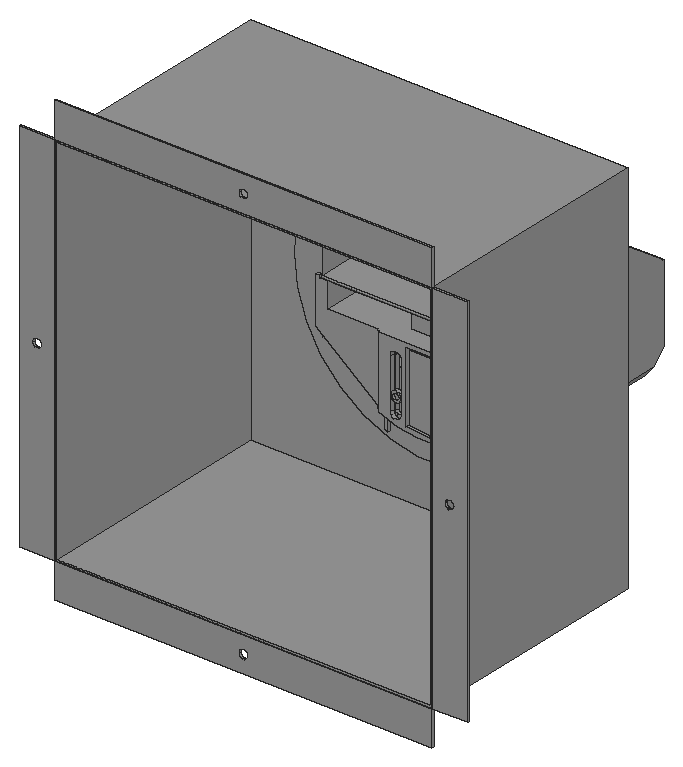
Revit family "CRB-10-E", category Mechanical Equipment, Revit 2015
Parameters (values of type "8 x 8 (6" Damper)")
  URL = "http://unitedenertech.com/catalog/pdf/L_3,4%20System%20CRB-10-E.pdf"
  Model = "CRB-10-E"
  Manufacturer = "United Enertech Corporation"
  Keynote = "Arrangement #1 shown, consult factory for other arrangement model options."
  Hole Radius = 0' - 2 221/256"
  Description = "Constant Volume Regulator for Exhaust or Return Applications"
  Depth = 0' - 5.19"
  CR Model = CR 6 (Sleeveless) : CR 6 (Sleeveless)
  Box Width = 0' - 8"
  Box Height = 0' - 8"
Types (12): name | Hole Radius | CR Model | Box Width | Box Height
  (no name) | 0' - 2 221/256" | CR 6 (Sleeveless) : CR 6 (Sleeveless) | 0' - 8" | 0' - 8"
  6 x 4 (4" Damper) | 0' - 1 189/256" | CR 4 (Sleeveless) : CR 4 (Sleeveless) | 0' - 6" | 0' - 4"
  6 x 6 (4" Damper) | 0' - 1 189/256" | CR 4 (Sleeveless) : CR 4 (Sleeveless) | 0' - 6" | 0' - 6"
  6 x 6 (5" Damper) | 0' - 2 27/128" | CR 5 (Sleeveless) : CR 5 (Sleeveless) | 0' - 6" | 0' - 6"
  8 x 8 (4" Damper) | 0' - 1 189/256" | CR 4 (Sleeveless) : CR 4 (Sleeveless) | 0' - 8" | 0' - 8"
  8 x 8 (5" Damper) | 0' - 2 27/128" | CR 5 (Sleeveless) : CR 5 (Sleeveless) | 0' - 8" | 0' - 8"
  8 x 8 (6" Damper) | 0' - 2 221/256" | CR 6 (Sleeveless) : CR 6 (Sleeveless) | 0' - 8" | 0' - 8"
  10 x 10 (6" Damper) | 0' - 2 221/256" | CR 6 (Sleeveless) : CR 6 (Sleeveless) | 0' - 10" | 0' - 10"
  10 x 10 (8" Damper) | 0' - 3 193/256" | CR 8 (Sleeveless) : CR 8 (Sleeveless) | 0' - 10" | 0' - 10"
  12 x 12 (8" Damper) | 0' - 3 193/256" | CR 8 (Sleeveless) : CR 8 (Sleeveless) | 1' - 0" | 1' - 0"
  12 x 12 (10" Damper) | 0' - 4 189/256" | CR 10 (Sleeveless) : CR 10 (Sleeveless) | 1' - 0" | 1' - 0"
  14 x 14 (10" Damper) | 0' - 4 189/256" | CR 10 (Sleeveless) : CR 10 (Sleeveless) | 1' - 2" | 1' - 2"
Reference planes (in)
  plane 1 "Center (Front/Back)": y = 0
  plane 2: z = 0
  plane 3 "Center (Left/Right)": x = 0
  plane 4: x = -4
  plane 5: x = 4
  plane 6: z = 4
  plane 7: z = -4
  plane 8: y = 0.0359
  plane 9: y = -5.1541
  plane 10: x = -4.75
  plane 11: x = -3.9641
  plane 12: x = 4.75
  plane 13: x = 3.9641
  plane 14: z = 3.9641
  plane 15: z = 4.75
  plane 16: z = -3.9641
  plane 17: z = -4.75
  plane 18: x = -4.375
  plane 19: x = 4.375
  plane 20: z = -4.375
  plane 21: z = 4.375
  plane 22: y = -5.1182
Forms (in)
  Extrusion 1, solid, material "Steel, Galvanized"
    sketch origin (0, 0, 0) x (1, 0, 0) y (0, 0, 1)
      loop
        line (-4, 4) -> (-4, -4) -> (4, -4) -> (4, 4) -> (-4, 4)
    from -0.0359 to 5.1541
  Extrusion 2, void
    sketch origin (0, 0, 0) x (1, 0, 0) y (0, 0, 1)
      loop
        line (-3.9641, 3.9641) -> (-3.9641, -3.9641) -> (3.9641, -3.9641) -> (3.9641, 3.9641) -> (-3.9641, 3.9641)
    from 6.24878 to 0
  Extrusion 3, solid, material "Steel, Galvanized"
    sketch origin (0, 0, 0) x (1, 0, 0) y (0, 0, 1)
      loop
        line (-4, 4.75) -> (-4, 4) -> (4, 4) -> (4, 4.75) -> (-4, 4.75)
    from 5.1182 to 5.1541
  Extrusion 4, solid, material "Steel, Galvanized"
    sketch origin (0, 0, 0) x (1, 0, 0) y (0, 0, 1)
      loop
        line (-4, -4) -> (-4, -4.75) -> (4, -4.75) -> (4, -4) -> (-4, -4)
    from 5.1182 to 5.1541
  Extrusion 5, solid, material "Steel, Galvanized"
    sketch origin (0, 0, 0) x (1, 0, 0) y (0, 0, 1)
      loop
        line (-4.75, 4) -> (-4.75, -4) -> (-4, -4) -> (-4, 4) -> (-4.75, 4)
    from 5.1182 to 5.1541
  Extrusion 6, solid, material "Steel, Galvanized"
    sketch origin (0, 0, 0) x (1, 0, 0) y (0, 0, 1)
      loop
        line (4, 4) -> (4, -4) -> (4.75, -4) -> (4.75, 4) -> (4, 4)
    from 5.1182 to 5.1541
  Extrusion 7, void
    sketch origin (0, 0, 0) x (1, 0, 0) y (0, 0, 1)
      loop
        circle (0, 4.375) r 0.09375
    from 4.67132 to 5.51796
  Extrusion 8, void
    sketch origin (0, 0, 0) x (1, 0, 0) y (0, 0, 1)
      loop
        circle (0, -4.375) r 0.09375
    from 4.45966 to 5.88837
  Extrusion 9, void
    sketch origin (0, 0, 0) x (1, 0, 0) y (0, 0, 1)
      loop
        circle (-4.375, 0) r 0.09375
    from 4.56549 to 5.83545
  Extrusion 10, void
    sketch origin (0, 0, 0) x (1, 0, 0) y (0, 0, 1)
      loop
        circle (4.375, 0) r 0.09375
    from 4.40674 to 5.88837
  Extrusion 11, void
    sketch origin (0, 0, 0) x (1, 0, 0) y (0, 0, 1)
      loop
        circle (0, 0) r 2.86328
    from -0.62019 to 0.86143
Cuts and joins
  Extrusion 2, Extrusion 11 cuts Extrusion 1
  Extrusion 7 cuts Extrusion 3
  Extrusion 8 cuts Extrusion 4
  Extrusion 9 cuts Extrusion 5
  Extrusion 10 cuts Extrusion 6
Dimensions and locks (in)
  equal spacing: plane 4, plane 3 "Center (Left/Right)", plane 5
  equal spacing: plane 6, level, plane 7
  "Box Height": plane 6 to plane 7
  "Box Width": plane 4 to plane 5
  "Depth": plane 8 to plane 9
  locked: plane 10 to plane 4 at 0.75
  locked: plane 4 to plane 11 at 0.0359
  locked: plane 13 to plane 5 at 0.0359
  locked: plane 12 to plane 5 at 0.75
  locked: plane 15 to plane 6 at 0.75
  locked: plane 6 to plane 14 at 0.0359
  locked: plane 7 to plane 17 at 0.75
  locked: plane 16 to plane 7 at 0.0359
  locked: plane 18 to plane 10 at 0.375
  locked: plane 12 to plane 19 at 0.375
  locked: plane 15 to plane 21 at 0.375
  locked: plane 20 to plane 17 at 0.375
  locked: plane 22 to plane 9 at 0.0359
  "Hole Radius": radius of Extrusion 11 sketch curve
  aligned and locked: level to plane 2
  aligned and locked: Extrusion 1 sketch curve to plane 6
  aligned and locked: Extrusion 1 sketch curve to plane 5
  aligned and locked: plane 7 to Extrusion 1 sketch curve
  aligned and locked: Extrusion 1 sketch curve to plane 4
  aligned and locked: plane 8 to Extrusion 1
  aligned and locked: Extrusion 1 to plane 9
  aligned and locked: plane 14 to Extrusion 2 sketch curve
  aligned and locked: plane 11 to Extrusion 2 sketch curve
  aligned and locked: plane 13 to Extrusion 2 sketch curve
  aligned and locked: plane 16 to Extrusion 2 sketch curve
  aligned and locked: Extrusion 2 to plane 1 "Center (Front/Back)"
  aligned and locked: plane 15 to Extrusion 3 sketch curve
  aligned and locked: plane 6 to Extrusion 3 sketch curve
  aligned and locked: Extrusion 3 sketch curve to plane 5
  aligned and locked: Extrusion 3 sketch curve to plane 4
  aligned and locked: plane 17 to Extrusion 4 sketch curve
  aligned and locked: Extrusion 4 sketch curve to plane 7
  aligned and locked: Extrusion 4 sketch curve to plane 5
  aligned and locked: Extrusion 4 sketch curve to plane 4
  aligned and locked: plane 10 to Extrusion 5 sketch curve
  aligned and locked: plane 4 to Extrusion 5 sketch curve
  aligned and locked: plane 7 to Extrusion 5 sketch curve
  aligned and locked: Extrusion 5 sketch curve to plane 6
  aligned and locked: plane 12 to Extrusion 6 sketch curve
  aligned and locked: plane 5 to Extrusion 6 sketch curve
  aligned and locked: plane 7 to Extrusion 6 sketch curve
  aligned and locked: Extrusion 6 sketch curve to plane 6
  aligned and locked: plane 22 to Extrusion 3
  aligned and locked: plane 22 to Extrusion 5
  aligned and locked: plane 22 to Extrusion 6
  aligned and locked: plane 22 to Extrusion 4
  aligned and locked: Extrusion 5 to plane 9
  aligned and locked: Extrusion 3 to plane 9
  aligned and locked: Extrusion 6 to plane 9
  aligned and locked: Extrusion 4 to plane 9
  aligned and locked: plane 3 "Center (Left/Right)" to nested 1
Automatic sketch dimensions
  Extrusion 7 sketch curve to plane 3 "Center (Left/Right)" = 0' - 0"
  Extrusion 7 sketch curve to plane 21 = 0' - 0"
  Extrusion 8 sketch curve to plane 3 "Center (Left/Right)" = 0' - 0"
  Extrusion 8 sketch curve to plane 20 = 0' - 0"
  Extrusion 9 sketch curve to level = 0' - 0"
  plane 18 to Extrusion 9 sketch curve = 0' - 0"
  Extrusion 10 sketch curve to level = 0' - 0"
  Extrusion 10 sketch curve to plane 19 = 0' - 0"
  Extrusion 11 sketch curve to level = 0' - 0"
  Extrusion 11 sketch curve to plane 3 "Center (Left/Right)" = 0' - 0"
  radius of Extrusion 7 sketch curve = 0' - 0 3/32"
  radius of Extrusion 8 sketch curve = 0' - 0 3/32"
  radius of Extrusion 9 sketch curve = 0' - 0 3/32"
  radius of Extrusion 10 sketch curve = 0' - 0 3/32"
Nested families (in)
  nested 1: "CR 6 (Sleeveless)" at (0, -0.12115, 0), type <- "CR Model", type "CR 6 (Sleeveless)"
Definition of nested family "CR 6 (Sleeveless)"
  Parameters (values of type "CR 6 (Sleeveless)")
    URL = "http://unitedenertech.com/catalog/pdf/L_2B,C%20Model%20CR.pdf"
    Type Comments = "6\" Diameter Model"
    Model = "CR"
    Manufacturer = "United Enertech Corporation"
    Description = "Precision/Flow Damper"
    Damper O.D. = 0' - 5.90095"
  Reference planes (in)
    plane 1 "Center (Front/Back)": y = 0
    plane 2: z = 0
    plane 3 "Center (Left/Right)": x = 0
    plane 4: x = 2.95048
    plane 5: x = -2.95048
  Forms (in)
    Extrusion 1, solid
      sketch origin (0, 0, 0) x (1, 0, 0) y (0, 0, 1)
        loop
          circle (0, 0) r 2.95048
      from 0 to -1.45
    Extrusion 2, void
      sketch origin (0, 0, 0) x (1, 0, 0) y (0, 0, 1)
        loop
          line (2.34375, 0) -> (2.34375, 1.56595)
          arc (2.34375, 1.56595) -> (1.32879, 2.4859) -> (0, 2.81875) r 2.81875
          arc (0, 2.81875) -> (-1.32879, 2.4859) -> (-2.34375, 1.56595) r 2.81875
          line (-2.34375, 1.56595) -> (-2.34375, -1.38375) -> (0, -1.38375) -> (2.34375, -1.38375) -> (2.34375, 0)
      from 0 to -3.83307
    Extrusion 3, solid
      sketch origin (0, 0, 0) x (0, 1, 0) y (0, 0, 1)
        loop
          line (1.45, 1.56595) -> (1.45, -1.63375) -> (2.675, -1.63375) -> (3.075, -1.23375) -> (3.075, 0.41595) -> (1.45, 1.56595)
      from 2.34375 to 2.42375
    Extrusion 4, solid
      sketch origin (0, 0, 0) x (0, 1, 0) y (0, 0, -1)
        loop
          line (1.45, -1.56595) -> (3.075, -0.41595) -> (3.075, 1.23375) -> (2.675, 1.63375) -> (1.45, 1.63375) -> (1.45, -1.56595)
      from 2.34375 to 2.42375
    Extrusion 5, solid
      sketch origin (0, 0, 0) x (0, 1, 0) y (0, 0, 1)
        loop
          line (1.45, -1.63375) -> (2.675, -1.63375) -> (2.675, -1.38375) -> (1.45, -1.38375) -> (1.45, -1.63375)
      from 2.34375 to -2.34375
    Extrusion 6, void
      sketch origin (0, 0, 0) x (1, 0, 0) y (0, 0, 1)
        loop
          line (-2.42375, 1.56595) -> (-2.42375, 1.67066)
          arc (-2.42375, 1.67066) -> (-2.84696, -0.74864) -> (-1.28843, -2.64681) r 2.94375
          arc (-1.28843, -2.64681) -> (2.23212, -1.91919) -> (2.42375, 1.67066) r 2.94375
          line (2.42375, 1.67066) -> (2.42375, -1.63375) -> (-2.42375, -1.63375) -> (-2.42375, 1.56595)
      from -0.31146 to -3.5842
    Extrusion 7, void
      sketch origin (0, 0, 0) x (1, 0, 0) y (0, 0, 1)
        loop
          arc (-2.42375, 1.52225) -> (-2.86213, 0) -> (-2.42375, -1.52225) r 2.86213
          line (-2.42375, -1.52225) -> (-2.42375, 1.52225)
        loop
          line (2.42375, 1.52225) -> (2.42375, -1.52225)
          arc (2.42375, -1.52225) -> (2.86213, 0) -> (2.42375, 1.52225) r 2.86213
        loop
          arc (-2.35004, -1.63375) -> (0, -2.86213) -> (2.35004, -1.63375) r 2.86213
          line (2.35004, -1.63375) -> (-2.35004, -1.63375)
      from -0.085 to -1.45
    Extrusion 8, solid
      sketch origin (0, 0, 0) x (1, 0, 0) y (0, 0, 1)
        loop
          line (-2.44375, -1.17375) -> (-1.02975, -2.27121)
          arc (-1.02975, -2.27121) -> (-0.52676, -2.43748) -> (0, -2.49375) r 2.49375
          arc (0, -2.49375) -> (0.52676, -2.43748) -> (1.02975, -2.27121) r 2.49375
          line (1.02975, -2.27121) -> (2.44375, -1.17375) -> (2.44375, -0.17375) -> (2.35375, -0.17375) -> (2.35375, -0.22375) -> (2.18375, -0.22375) -> (2.18375, -0.75775) -> (-2.18375, -0.75775) -> (-2.18375, -0.22375) -> (-2.35375, -0.22375) -> (-2.35375, -0.17375) -> (-2.44375, -0.17375) -> (-2.44375, -1.17375)
      from 0 to 0.08
    Extrusion 9, solid
      sketch origin (0, 0, 0) x (1, 0, 0) y (0, 0, 1)
        loop
          line (-1.00274, -1.63375) -> (-1.00274, -2.63586)
          arc (-1.00274, -2.63586) -> (-0.96285, -2.65069) -> (-0.92274, -2.66492) r 2.82015
          line (-0.92274, -2.66492) -> (-0.92274, -1.63375) -> (-1.00274, -1.63375)
      from 0 to 0.05168
    Extrusion 10, solid
      sketch origin (0, 0, 0) x (-1, 0, 0) y (0, 0, -1)
        loop
          line (-1.00274, 1.63375) -> (-0.92274, 1.63375) -> (-0.92274, 2.66492)
          arc (-0.92274, 2.66492) -> (-0.96285, 2.65069) -> (-1.00274, 2.63586) r 2.82015
          line (-1.00274, 2.63586) -> (-1.00274, 1.63375)
      from 0 to 0.05168
    Blend 11, solid
      base sketch origin (0, 0, 0) x (1, 0, 0) y (0, 0, 1)
        loop
          arc (-1.02975, -2.27121) -> (0, -2.49375) -> (1.02975, -2.27121) r 2.49375
          line (1.02975, -2.27121) -> (1.02975, -0.75775) -> (-1.02975, -0.75775) -> (-1.02975, -2.27121)
      top sketch origin (0, 0, 0) x (1, 0, 0) y (0, 0, 1)
        loop
          line (-1.02975, -0.75775) -> (-1.11975, -0.75775) -> (-1.11975, -2.20136) -> (-1.02975, -2.27121)
          arc (-1.02975, -2.27121) -> (0, -2.49375) -> (1.02975, -2.27121) r 2.49375
          line (1.02975, -2.27121) -> (1.11975, -2.20136) -> (1.11975, -0.75775) -> (1.02975, -0.75775) -> (-1.02975, -0.75775)
      from 0.16 to 0.08
    Extrusion 12, void
      sketch origin (0, 0, 0) x (1, 0, 0) y (0, 0, 1)
        loop
          line (0, -0.83775) -> (-0.47, -0.83775) -> (-0.47, -2.35225)
          arc (-0.47, -2.35225) -> (-0.23615, -2.3871) -> (0, -2.39875) r 2.39875
          arc (0, -2.39875) -> (0.23615, -2.3871) -> (0.47, -2.35225) r 2.39875
          line (0.47, -2.35225) -> (0.47, -0.83775) -> (0, -0.83775)
      from 0.08 to 0.16
    Extrusion 13, void
      sketch origin (0, 0, 0) x (1, 0, 0) y (0, 0, 1)
        loop
          line (-0.47, -0.83775) -> (-0.47, -0.93775) -> (0.47, -0.93775) -> (0.47, -0.83775) -> (-0.47, -0.83775)
      from 0 to 0.16
    Extrusion 14, void
      sketch origin (0, 0, 0) x (1, 0, 0) y (0, 0, 1)
        loop
          line (-0.738, -1.11125) -> (-0.738, -2.17208)
          arc (-0.738, -2.17208) -> (-0.6705, -2.23958) -> (-0.603, -2.17208) r 0.0675
          line (-0.603, -2.17208) -> (-0.603, -1.11125)
          arc (-0.603, -1.11125) -> (-0.6705, -1.04375) -> (-0.738, -1.11125) r 0.0675
        loop
          arc (0.738, -1.11125) -> (0.6705, -1.04375) -> (0.603, -1.11125) r 0.0675
          line (0.603, -1.11125) -> (0.603, -2.17208)
          arc (0.603, -2.17208) -> (0.6705, -2.23958) -> (0.738, -2.17208) r 0.0675
          line (0.738, -2.17208) -> (0.738, -1.11125)
      from 0 to 0.26809
    Extrusion 15, void
      sketch origin (0, 0, 0) x (1, 0, 0) y (0, 0, 1)
        loop
          line (-0.78878, -1.11125) -> (-0.78878, -2.17208)
          arc (-0.78878, -2.17208) -> (-0.6705, -2.29036) -> (-0.55222, -2.17208) r 0.11828
          line (-0.55222, -2.17208) -> (-0.55222, -1.11125)
          arc (-0.55222, -1.11125) -> (-0.6705, -0.99297) -> (-0.78878, -1.11125) r 0.11828
        loop
          arc (0.78878, -1.11125) -> (0.6705, -0.99297) -> (0.55222, -1.11125) r 0.11828
          line (0.55222, -1.11125) -> (0.55222, -2.17208)
          arc (0.55222, -2.17208) -> (0.6705, -2.29036) -> (0.78878, -2.17208) r 0.11828
          line (0.78878, -2.17208) -> (0.78878, -1.11125)
      from 0.08 to 0.26809
    Extrusion 16, solid
      sketch origin (0, 0, 0.38301) x (1, 0, 0) y (0, 0, 1)
        loop
          circle (-0.6705, -2.23958) r 0.10606
      from 0.08 to 0.16
    Extrusion 17, solid
      sketch origin (0, 0, -0.10606) x (1, 0, 0) y (0, 0, 1)
        loop
          circle (-0.6705, -1.75052) r 0.05796
      from 0 to 0.08
    Extrusion 18, void
      sketch origin (0, 0, 0) x (1, 0, 0) y (0, 0, 1)
        loop
          line (-0.62476, -1.79125) -> (-0.7042, -1.7843) -> (-0.74995, -1.84962) -> (-0.71624, -1.9219) -> (-0.6368, -1.92885) -> (-0.59105, -1.86352) -> (-0.62476, -1.79125)
      from 0.12205 to 0.26809
    Extrusion 19, solid
      sketch origin (0, 0, 0.38301) x (-1, 0, 0) y (0, 0, -1)
        loop
          circle (-0.6705, 2.23958) r 0.10606
      from 0.08 to 0.16
    Extrusion 20, solid
      sketch origin (0, 0, -0.10606) x (-1, 0, 0) y (0, 0, -1)
        loop
          circle (-0.6705, 1.75052) r 0.05796
      from 0 to 0.08
    Extrusion 21, void
      sketch origin (0, 0, 0) x (-1, 0, 0) y (0, 0, -1)
        loop
          line (-0.62476, 1.79125) -> (-0.59105, 1.86352) -> (-0.6368, 1.92885) -> (-0.71624, 1.9219) -> (-0.74995, 1.84962) -> (-0.7042, 1.7843) -> (-0.62476, 1.79125)
      from 0.12205 to 0.26809
    Extrusion 22, solid
      sketch origin (0, 0, 0) x (1, 0, 0) y (0, 1, 0)
        loop
          line (-0.6725, 0.915) -> (-0.6725, 0.265) -> (0.6725, 0.265) -> (0.6725, 0.915) -> (-0.6725, 0.915)
      from -0.75775 to -0.31775
    Extrusion 23, solid
      sketch origin (0, 0, 0) x (1, 0, 0) y (0, 0, 1)
        loop
          line (-2.34375, -0.22375) -> (-2.34375, -1.00775) -> (2.34375, -1.00775) -> (2.34375, -0.75775) -> (2.34375, -0.22375) -> (2.18375, -0.22375) -> (2.18375, -0.75775) -> (-2.18375, -0.75775) -> (-2.18375, -0.22375) -> (-2.34375, -0.22375)
      from -2.91717 to 0
    Extrusion 24, solid
      sketch origin (0, 0, 0) x (0, 1, 0) y (0, 0, 1)
        loop
          arc (-0.05557, -0.17375) -> (-0.07998, -0.19906) -> (-0.05382, -0.22255) r 0.02443
          line (-0.05382, -0.22255) -> (0.82534, -0.22453)
          arc (0.82534, -0.22453) -> (0.8563, -0.22254) -> (0.88675, -0.2166) r 0.24181
          line (0.88675, -0.2166) -> (1.28312, -0.11252)
          arc (1.28312, -0.11252) -> (1.31381, -0.10654) -> (1.34502, -0.10453) r 0.24371
          line (1.34502, -0.10453) -> (2.23036, -0.10453)
          arc (2.23036, -0.10453) -> (2.2978, -0.11001) -> (2.36347, -0.1263) r 0.41795
          line (2.36347, -0.1263) -> (2.44483, -0.15363) -> (2.461, -0.10549) -> (2.37965, -0.07816)
          arc (2.37965, -0.07816) -> (2.306, -0.05989) -> (2.23036, -0.05375) r 0.46873
          line (2.23036, -0.05375) -> (1.34502, -0.05375)
          arc (1.34502, -0.05375) -> (1.30731, -0.05617) -> (1.27023, -0.06341) r 0.29449
          line (1.27023, -0.06341) -> (0.87385, -0.16749)
          arc (0.87385, -0.16749) -> (0.8498, -0.17218) -> (0.82534, -0.17375) r 0.19103
          line (0.82534, -0.17375) -> (-0.05557, -0.17375)
      from -2.31257 to 2.31257
    Extrusion 25, solid
      sketch origin (0, 0, 0) x (0, 1, 0) y (0, 0, 1)
        loop
          line (2.461, -0.10549) -> (2.44483, -0.15363) -> (2.36347, -0.1263)
          arc (2.36347, -0.1263) -> (2.2978, -0.11001) -> (2.23036, -0.10453) r 0.41795
          line (2.23036, -0.10453) -> (1.34502, -0.10453)
          arc (1.34502, -0.10453) -> (1.31381, -0.10654) -> (1.28312, -0.11252) r 0.24371
          line (1.28312, -0.11252) -> (0.88675, -0.2166)
          arc (0.88675, -0.2166) -> (0.86576, -0.22113) -> (0.84446, -0.22377) r 0.24181
          line (0.84446, -0.22377) -> (-0.05382, -0.22255) -> (0.14264, -0.35993) -> (2.3582, -0.35993) -> (2.7537, -0.22375) -> (2.461, -0.10549)
      from 2.02394 to 2.12394
    Extrusion 26, solid
      sketch origin (0, 0, 0) x (0, 1, 0) y (0, 0, -1)
        loop
          line (2.461, 0.10549) -> (2.7537, 0.22375) -> (2.3582, 0.35993) -> (0.14264, 0.35993) -> (-0.05382, 0.22255) -> (0.84446, 0.22377)
          arc (0.84446, 0.22377) -> (0.86576, 0.22113) -> (0.88675, 0.2166) r 0.24181
          line (0.88675, 0.2166) -> (1.28312, 0.11252)
          arc (1.28312, 0.11252) -> (1.31381, 0.10654) -> (1.34502, 0.10453) r 0.24371
          line (1.34502, 0.10453) -> (2.23036, 0.10453)
          arc (2.23036, 0.10453) -> (2.2978, 0.11001) -> (2.36347, 0.1263) r 0.41795
          line (2.36347, 0.1263) -> (2.44483, 0.15363) -> (2.461, 0.10549)
      from 2.02394 to 2.12394
    Extrusion 27, solid
      sketch origin (0, 0, 0) x (0, 1, 0) y (0, 0, 1)
        loop
          line (2.461, -0.10549) -> (2.44483, -0.15363) -> (2.61838, -0.22375) -> (2.7537, -0.22375) -> (2.461, -0.10549)
      from -2.02394 to 2.02394
    Extrusion 28, solid
      sketch origin (0, 0, 0) x (0, 1, 0) y (0, 0, 1)
        loop
          line (-0.05382, -0.22255) -> (0.08135, -0.31707) -> (0.09937, -0.2913) -> (0.00277, -0.22375) -> (-0.05382, -0.22255)
      from -2.02394 to 2.02394
    Extrusion 29, void
      sketch origin (0, 0, 0) x (1, 0, 0) y (0, 0, 1)
        loop
          circle (0, 0) r 2.86213
        loop
          circle (0, 0) r 3.25
      from -4.24575 to -0.085
  Cuts and joins
    Extrusion 2, Extrusion 6, Extrusion 7, Extrusion 12, Extrusion 14, Extrusion 15, Extrusion 18, Extrusion 29 cuts Extrusion 1
    Extrusion 6, Extrusion 7, Extrusion 12, Extrusion 14, Extrusion 15, Extrusion 18, Extrusion 29 cuts Extrusion 3
    Extrusion 6, Extrusion 7, Extrusion 12, Extrusion 14, Extrusion 15, Extrusion 18, Extrusion 29 cuts Extrusion 4
    Extrusion 6, Extrusion 7, Extrusion 12, Extrusion 14, Extrusion 15, Extrusion 18, Extrusion 29 cuts Extrusion 5
    joined: Extrusion 1, Extrusion 3, Extrusion 4, Extrusion 5
    Extrusion 12, Extrusion 13, Extrusion 14, Extrusion 15, Extrusion 18 cuts Extrusion 8
    Extrusion 12, Extrusion 13, Extrusion 14, Extrusion 15, Extrusion 18 cuts Blend 11
    joined: Extrusion 8, Blend 11, Extrusion 23
    Extrusion 18, Extrusion 21 cuts Extrusion 16
    Extrusion 18 cuts Extrusion 17
    Extrusion 21 cuts Extrusion 19
    joined: Extrusion 24, Extrusion 27
  Dimensions and locks (in)
    "Damper O.D.": plane 5 to plane 4
    aligned and locked: level to plane 2
  Automatic sketch dimensions
    Extrusion 1 sketch curve to level = 0' - 0"
    Extrusion 1 sketch curve to plane 3 "Center (Left/Right)" = 0' - 0"
    Extrusion 2 sketch curve to Extrusion 2 sketch curve = 0' - 0"  (x2)
    Extrusion 2 sketch curve to plane 3 "Center (Left/Right)" = 0' - 0"  (x2)
    Extrusion 2 sketch curve to level = 0' - 0"  (x2)
    Extrusion 2 sketch curve to plane 5 = 0' - 0.60673"
    plane 4 to Extrusion 2 sketch curve = 0' - 0.60673"
    Extrusion 2 sketch curve to level = 0' - 1.38375"
    level to Extrusion 2 sketch curve = 0' - 1.56595"
    Extrusion 3 sketch curve to plane 1 "Center (Front/Back)" = 0' - 1.45"
    Extrusion 3 sketch curve to Extrusion 3 sketch curve = 0' - 1.225"
    level to Extrusion 3 sketch curve = 0' - 0.41595"
    Extrusion 3 sketch curve to Extrusion 3 sketch curve = 0' - 1 5/8"
    Extrusion 3 sketch curve to level = 0' - 1.23375"
    Extrusion 3 sketch curve to level = 0' - 1.63375"
    level to Extrusion 3 sketch curve = 0' - 1.56595"
    Extrusion 4 sketch curve to plane 1 "Center (Front/Back)" = 0' - 1.45"
    Extrusion 4 sketch curve to Extrusion 4 sketch curve = 0' - 1.225"
    level to Extrusion 4 sketch curve = 0' - 0.41595"
    Extrusion 4 sketch curve to Extrusion 4 sketch curve = 0' - 1 5/8"
    level to Extrusion 4 sketch curve = 0' - 1.56595"
    Extrusion 4 sketch curve to level = 0' - 1.23375"
    Extrusion 4 sketch curve to Extrusion 4 sketch curve = 0' - 0.4"
    Extrusion 5 sketch curve to plane 1 "Center (Front/Back)" = 0' - 1.45"
    Extrusion 5 sketch curve to Extrusion 5 sketch curve = 0' - 1.225"
    Extrusion 5 sketch curve to level = 0' - 1.63375"
    Extrusion 5 sketch curve to Extrusion 5 sketch curve = 0' - 0 1/4"
    Extrusion 6 sketch curve to Extrusion 6 sketch curve = 0' - 0"  (x2)
    Extrusion 6 sketch curve to level = 0' - 0"
    Extrusion 6 sketch curve to plane 3 "Center (Left/Right)" = 0' - 0"
    Extrusion 6 sketch curve to plane 5 = 0' - 0.52673"
    plane 4 to Extrusion 6 sketch curve = 0' - 0.52673"
    Extrusion 6 sketch curve to level = 0' - 1.63375"
    level to Extrusion 6 sketch curve = 0' - 1.56595"
    Extrusion 6 sketch curve to Extrusion 6 sketch curve = 0' - 0.10471"
    Extrusion 6 sketch curve to plane 3 "Center (Left/Right)" = 0' - 1.28843"
    Extrusion 7 sketch curve to Extrusion 7 sketch curve = 0' - 0"  (x6)
    Extrusion 7 sketch curve to level = 0' - 0"
    Extrusion 7 sketch curve to plane 3 "Center (Left/Right)" = 0' - 0"
    Extrusion 7 sketch curve to plane 5 = 0' - 0.60044"
    Extrusion 7 sketch curve to Extrusion 7 sketch curve = 0' - 0.07371"  (x2)
    Extrusion 7 sketch curve to level = 0' - 1.52225"  (x2)
    Extrusion 7 sketch curve to Extrusion 7 sketch curve = 0' - 0.1115"
    Extrusion 8 sketch curve to Extrusion 8 sketch curve = 0' - 0"  (x2)
    Extrusion 8 sketch curve to level = 0' - 0"
    Extrusion 8 sketch curve to plane 3 "Center (Left/Right)" = 0' - 0"
    Extrusion 8 sketch curve to plane 3 "Center (Left/Right)" = 0' - 1.02975"
    Extrusion 8 sketch curve to level = 0' - 0.22375"  (x2)
    Extrusion 8 sketch curve to plane 5 = 0' - 0.76673"
    Extrusion 8 sketch curve to Extrusion 8 sketch curve = 0' - 0.17"  (x2)
    Extrusion 8 sketch curve to Extrusion 8 sketch curve = 0' - 0.26"
    plane 3 "Center (Left/Right)" to Extrusion 8 sketch curve = 0' - 1.02975"
    plane 4 to Extrusion 8 sketch curve = 0' - 0.76673"
    Extrusion 8 sketch curve to Extrusion 8 sketch curve = 0' - 0.09"
    Extrusion 8 sketch curve to level = 0' - 0.75775"
    Extrusion 8 sketch curve to Extrusion 8 sketch curve = 0' - 0.416"  (x2)
    Extrusion 8 sketch curve to Extrusion 8 sketch curve = 0' - 1.09746"
    Extrusion 8 sketch curve to Extrusion 8 sketch curve = 0' - 0.05"  (x2)
    Extrusion 9 sketch curve to level = 0' - 0"
    Extrusion 9 sketch curve to plane 3 "Center (Left/Right)" = 0' - 0"
    Extrusion 9 sketch curve to plane 3 "Center (Left/Right)" = 0' - 0.92274"
    Extrusion 9 sketch curve to Extrusion 9 sketch curve = 0' - 0.08"
    Extrusion 9 sketch curve to level = 0' - 1.63375"
    Extrusion 9 sketch curve to Extrusion 9 sketch curve = 0' - 1.00211"
    Extrusion 10 sketch curve to level = 0' - 0"
    Extrusion 10 sketch curve to plane 3 "Center (Left/Right)" = 0' - 0"
    Extrusion 10 sketch curve to plane 3 "Center (Left/Right)" = 0' - 0.92274"
    Extrusion 10 sketch curve to Extrusion 10 sketch curve = 0' - 0.08"
    level to Extrusion 10 sketch curve = 0' - 1.63375"
    Extrusion 10 sketch curve to Extrusion 10 sketch curve = 0' - 1.00211"
    Blend 11 sketch curve to level = 0' - 0"  (x2)
    Blend 11 sketch curve to plane 3 "Center (Left/Right)" = 0' - 0"  (x2)
    Blend 11 sketch curve to plane 3 "Center (Left/Right)" = 0' - 1.02975"  (x3)
    plane 3 "Center (Left/Right)" to Blend 11 sketch curve = 0' - 1.02975"  (x3)
    Blend 11 sketch curve to level = 0' - 0.75775"  (x2)
    Blend 11 sketch curve to Blend 11 sketch curve = 0' - 1.51346"
    Blend 11 sketch curve to Blend 11 sketch curve = 0' - 0.09"  (x2)
    Blend 11 sketch curve to Blend 11 sketch curve = 0' - 1.44361"  (x2)
    Blend 11 sketch curve to Blend 11 sketch curve = 0' - 0.06985"
    Extrusion 12 sketch curve to Extrusion 12 sketch curve = 0' - 0"  (x2)
    Extrusion 12 sketch curve to plane 3 "Center (Left/Right)" = 0' - 0"  (x2)
    Extrusion 12 sketch curve to level = 0' - 0"
    Extrusion 12 sketch curve to plane 3 "Center (Left/Right)" = 0' - 0.47"
    Extrusion 12 sketch curve to Extrusion 12 sketch curve = 0' - 0.47"
    Extrusion 12 sketch curve to level = 0' - 0.83775"
    Extrusion 12 sketch curve to Extrusion 12 sketch curve = 0' - 1.5145"
    Extrusion 13 sketch curve to plane 3 "Center (Left/Right)" = 0' - 0.47"
    plane 3 "Center (Left/Right)" to Extrusion 13 sketch curve = 0' - 0.47"
    Extrusion 13 sketch curve to level = 0' - 0.93775"
    Extrusion 13 sketch curve to Extrusion 13 sketch curve = 0' - 0.1"
    Extrusion 14 sketch curve to plane 3 "Center (Left/Right)" = 0' - 0.738"
    Extrusion 14 sketch curve to Extrusion 14 sketch curve = 0' - 0.0675"  (x2)
    plane 3 "Center (Left/Right)" to Extrusion 14 sketch curve = 0' - 0.603"
    Extrusion 14 sketch curve to level = 0' - 2.17208"
    Extrusion 14 sketch curve to Extrusion 14 sketch curve = 0' - 0"
    Extrusion 14 sketch curve to Extrusion 14 sketch curve = 0' - 1.06083"  (x2)
    Extrusion 15 sketch curve to plane 3 "Center (Left/Right)" = 0' - 0.78878"
    Extrusion 15 sketch curve to Extrusion 15 sketch curve = 0' - 0.11828"  (x2)
    plane 3 "Center (Left/Right)" to Extrusion 15 sketch curve = 0' - 0.55222"
    Extrusion 15 sketch curve to level = 0' - 2.17208"
    Extrusion 15 sketch curve to Extrusion 15 sketch curve = 0' - 0"
    Extrusion 15 sketch curve to Extrusion 15 sketch curve = 0' - 1.06083"  (x2)
    Extrusion 16 sketch curve to plane 3 "Center (Left/Right)" = 0' - 0.6705"
    Extrusion 16 sketch curve to level = 0' - 1.85657"
    Extrusion 17 sketch curve to plane 3 "Center (Left/Right)" = 0' - 0.6705"
    Extrusion 17 sketch curve to level = 0' - 1.85657"
    Extrusion 18 sketch curve to plane 3 "Center (Left/Right)" = 0' - 0.74995"
    Extrusion 18 sketch curve to Extrusion 18 sketch curve = 0' - 0.0337"
    Extrusion 18 sketch curve to Extrusion 18 sketch curve = 0' - 0.04574"  (x2)
    Extrusion 18 sketch curve to Extrusion 18 sketch curve = 0' - 0.07945"  (x2)
    Extrusion 18 sketch curve to level = 0' - 1.92885"
    Extrusion 18 sketch curve to Extrusion 18 sketch curve = 0' - 0.00695"
    Extrusion 18 sketch curve to Extrusion 18 sketch curve = 0' - 0.06533"  (x2)
    Extrusion 18 sketch curve to Extrusion 18 sketch curve = 0' - 0.07228"  (x2)
    Extrusion 19 sketch curve to plane 3 "Center (Left/Right)" = 0' - 0.6705"
    level to Extrusion 19 sketch curve = 0' - 1.85657"
    Extrusion 20 sketch curve to plane 3 "Center (Left/Right)" = 0' - 0.6705"
    level to Extrusion 20 sketch curve = 0' - 1.85657"
    Extrusion 21 sketch curve to plane 3 "Center (Left/Right)" = 0' - 0.74995"
    Extrusion 21 sketch curve to Extrusion 21 sketch curve = 0' - 0.0337"
    Extrusion 21 sketch curve to Extrusion 21 sketch curve = 0' - 0.04574"  (x2)
    Extrusion 21 sketch curve to Extrusion 21 sketch curve = 0' - 0.07945"  (x2)
    level to Extrusion 21 sketch curve = 0' - 1.92885"
    Extrusion 21 sketch curve to Extrusion 21 sketch curve = 0' - 0.00695"
    Extrusion 21 sketch curve to Extrusion 21 sketch curve = 0' - 0.06533"  (x2)
    Extrusion 21 sketch curve to Extrusion 21 sketch curve = 0' - 0.07228"  (x2)
    Extrusion 22 sketch curve to plane 1 "Center (Front/Back)" = 0' - 0.265"
    Extrusion 22 sketch curve to plane 3 "Center (Left/Right)" = 0' - 0.6725"
    plane 3 "Center (Left/Right)" to Extrusion 22 sketch curve = 0' - 0.6725"
    Extrusion 22 sketch curve to Extrusion 22 sketch curve = 0' - 0.65"
    Extrusion 23 sketch curve to level = 0' - 0.22375"  (x2)
    Extrusion 23 sketch curve to plane 5 = 0' - 0.60673"
    Extrusion 23 sketch curve to Extrusion 23 sketch curve = 0' - 0.16"  (x2)
    plane 4 to Extrusion 23 sketch curve = 0' - 0.76673"
    Extrusion 23 sketch curve to Extrusion 23 sketch curve = 0' - 0.534"  (x2)
    Extrusion 23 sketch curve to Extrusion 23 sketch curve = 0' - 0 1/4"
    Extrusion 24 sketch curve to Extrusion 24 sketch curve = 0' - 0"  (x6)
    plane 1 "Center (Front/Back)" to Extrusion 24 sketch curve = 0' - 0.05557"
    Extrusion 24 sketch curve to Extrusion 24 sketch curve = 0' - 0.00175"
    Extrusion 24 sketch curve to level = 0' - 0.22453"
    Extrusion 24 sketch curve to plane 1 "Center (Front/Back)" = 0' - 0.82534"
    Extrusion 24 sketch curve to level = 0' - 0.16749"
    Extrusion 24 sketch curve to Extrusion 24 sketch curve = 0' - 0.04852"
    Extrusion 24 sketch curve to level = 0' - 0.2166"
    Extrusion 24 sketch curve to Extrusion 24 sketch curve = 0' - 0.0129"  (x2)
    Extrusion 24 sketch curve to level = 0' - 0.06341"
    Extrusion 24 sketch curve to Extrusion 24 sketch curve = 0' - 0.39637"
    Extrusion 24 sketch curve to level = 0' - 0.11252"
    Extrusion 24 sketch curve to Extrusion 24 sketch curve = 0' - 0.0619"
    Extrusion 24 sketch curve to Extrusion 24 sketch curve = 0' - 0.88534"
    Extrusion 24 sketch curve to level = 0' - 0.1263"
    Extrusion 24 sketch curve to Extrusion 24 sketch curve = 0' - 0.13311"
    Extrusion 24 sketch curve to level = 0' - 0.07816"
    Extrusion 24 sketch curve to level = 0' - 0.15363"
    Extrusion 24 sketch curve to Extrusion 24 sketch curve = 0' - 0.08136"
    Extrusion 24 sketch curve to Extrusion 24 sketch curve = 0' - 0.23572"
    Extrusion 24 sketch curve to Extrusion 24 sketch curve = 0' - 0.0488"
    plane 1 "Center (Front/Back)" to Extrusion 25 sketch curve = 0' - 0.05382"
    Extrusion 25 sketch curve to plane 1 "Center (Front/Back)" = 0' - 0.14264"
    level to Extrusion 25 sketch curve = 0' - 0.01728"
    Extrusion 25 sketch curve to Extrusion 25 sketch curve = 0' - 0.68269"
    Extrusion 25 sketch curve to level = 0' - 0.22377"
    Extrusion 25 sketch curve to Extrusion 25 sketch curve = 0' - 0.01912"
    Extrusion 25 sketch curve to level = 0' - 0.2166"
    Extrusion 25 sketch curve to level = 0' - 0.11252"
    Extrusion 25 sketch curve to Extrusion 25 sketch curve = 0' - 0.39637"
    Extrusion 25 sketch curve to Extrusion 25 sketch curve = 0' - 0.0619"
    Extrusion 25 sketch curve to Extrusion 25 sketch curve = 0' - 0.88534"
    Extrusion 25 sketch curve to Extrusion 25 sketch curve = 0' - 0.12784"
    Extrusion 25 sketch curve to level = 0' - 0.1263"
    Extrusion 25 sketch curve to Extrusion 25 sketch curve = 0' - 0.13311"
    Extrusion 25 sketch curve to level = 0' - 0.15363"
    Extrusion 25 sketch curve to Extrusion 25 sketch curve = 0' - 0.08136"
    Extrusion 25 sketch curve to level = 0' - 0.10549"
    Extrusion 25 sketch curve to level = 0' - 0.22375"
    Extrusion 25 sketch curve to Extrusion 25 sketch curve = 0' - 0.2927"
    Extrusion 25 sketch curve to Extrusion 25 sketch curve = 0' - 0.23572"
    Extrusion 25 sketch curve to level = 0' - 0.35993"
    Extrusion 25 sketch curve to level = 0' - 0.22255"
    plane 1 "Center (Front/Back)" to Extrusion 26 sketch curve = 0' - 0.05382"
    Extrusion 26 sketch curve to plane 1 "Center (Front/Back)" = 0' - 0.14264"
    level to Extrusion 26 sketch curve = 0' - 0.01728"
    Extrusion 26 sketch curve to Extrusion 26 sketch curve = 0' - 0.68269"
    Extrusion 26 sketch curve to level = 0' - 0.22377"
    Extrusion 26 sketch curve to Extrusion 26 sketch curve = 0' - 0.01912"
    Extrusion 26 sketch curve to level = 0' - 0.2166"
    Extrusion 26 sketch curve to level = 0' - 0.11252"
    Extrusion 26 sketch curve to Extrusion 26 sketch curve = 0' - 0.39637"
    Extrusion 26 sketch curve to Extrusion 26 sketch curve = 0' - 0.0619"
    Extrusion 26 sketch curve to Extrusion 26 sketch curve = 0' - 0.88534"
    Extrusion 26 sketch curve to Extrusion 26 sketch curve = 0' - 0.12784"
    Extrusion 26 sketch curve to level = 0' - 0.1263"
    Extrusion 26 sketch curve to Extrusion 26 sketch curve = 0' - 0.13311"
    Extrusion 26 sketch curve to level = 0' - 0.15363"
    Extrusion 26 sketch curve to Extrusion 26 sketch curve = 0' - 0.08136"
    Extrusion 26 sketch curve to level = 0' - 0.10549"
    Extrusion 26 sketch curve to level = 0' - 0.22375"
    Extrusion 26 sketch curve to Extrusion 26 sketch curve = 0' - 0.2927"
    Extrusion 26 sketch curve to level = 0' - 0.10453"
    Extrusion 26 sketch curve to level = 0' - 0.22255"
    Extrusion 26 sketch curve to Extrusion 26 sketch curve = 0' - 0.13738"
    Extrusion 27 sketch curve to level = 0' - 0.15363"
    Extrusion 27 sketch curve to plane 1 "Center (Front/Back)" = 0' - 2.44483"
    Extrusion 27 sketch curve to level = 0' - 0.10549"
    Extrusion 27 sketch curve to Extrusion 27 sketch curve = 0' - 0.01617"
    Extrusion 27 sketch curve to level = 0' - 0.22375"
    Extrusion 27 sketch curve to Extrusion 27 sketch curve = 0' - 0.17355"
    Extrusion 27 sketch curve to Extrusion 27 sketch curve = 0' - 0.13532"
    plane 1 "Center (Front/Back)" to Extrusion 28 sketch curve = 0' - 0.05382"
    Extrusion 28 sketch curve to plane 1 "Center (Front/Back)" = 0' - 0.00277"
    Extrusion 28 sketch curve to plane 1 "Center (Front/Back)" = 0' - 0.08135"
    Extrusion 28 sketch curve to Extrusion 28 sketch curve = 0' - 0.01802"
    Extrusion 28 sketch curve to level = 0' - 0.31707"
    Extrusion 28 sketch curve to Extrusion 28 sketch curve = 0' - 0.02577"
    Extrusion 29 sketch curve to Extrusion 29 sketch curve = 0' - 0"  (x2)
    Extrusion 29 sketch curve to level = 0' - 0"
    Extrusion 29 sketch curve to plane 3 "Center (Left/Right)" = 0' - 0"
    radius of Extrusion 1 sketch curve = 0' - 2.95048"
    radius of Extrusion 16 sketch curve = 0' - 0.10606"
    radius of Extrusion 17 sketch curve = 0' - 0.05796"
    radius of Extrusion 19 sketch curve = 0' - 0.10606"
    radius of Extrusion 20 sketch curve = 0' - 0.05796"
    radius of Extrusion 29 sketch curve = 0' - 2.86213"
    radius of Extrusion 29 sketch curve = 0' - 3 1/4"
